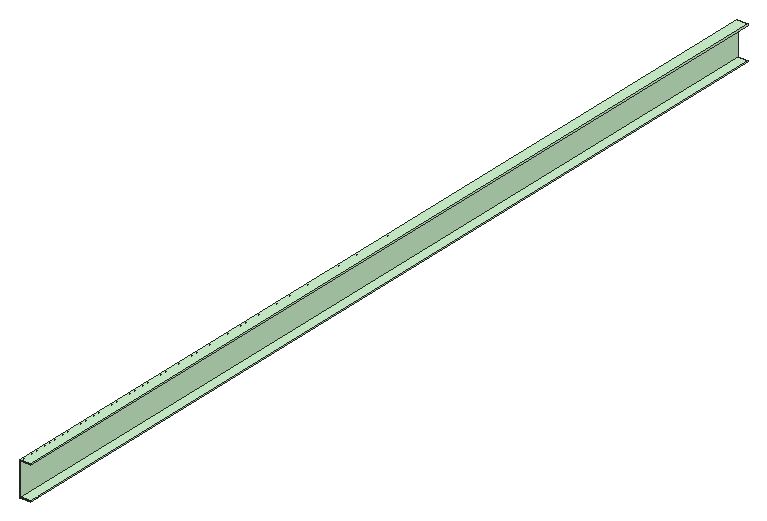
Revit family "CC-19", category 機械設備, Revit 2020
Family settings
  丸型コネクタ寸法 = 直径を使用
  種別 = なし
  パーツ タイプ = 標準
  作業面ベース = いいえ
  常に垂直 = はい
  ロード時にボイドで切り取り = いいえ
  共有 = いいえ
  部屋計算ポイント = いいえ
Parameters
  製造元 = "株式会社桐井製作所"
  既定の高さ = 0 mm
  URL = "https://www.kirii.co.jp/"
  K_長さ(mm) [instance] = 1000 mm
  K_材質 = "SGHC　一般用"
  K_断面積A(mm2) = 69
  K_断面係数Zy(mm3) = 91.5
  K_断面係数Zx(mm3) = 704.2
  K_断面2次半径iy(mm) = 3.5
  K_断面2次半径ix(mm) = 13.9
  K_断面2次モーメントIy(mm4) = 835.4
  K_断面2次モーメントIx(mm4) = 13380
  K_外形寸法(mm) = "38×12×1.2"
  K_品名 = "CC-19"
  K_名称 = "野縁受け"
  K_単位質量(kg/m) = 0.553
  K_ヤング係数E(N/mm2) = 205000
  K_バージョン情報 = "20210524"
  K_めっき付着量 = "Z12"
  K_JIS規格 = "JIS G 3302"
  K_JIS外 = not(K_JIS)  # no
  K_JIS = yes
Reference planes
  plane 1 "中心(正面/背面)": y = 0
  plane 2: z = 0
  plane 3 "中心(左/右)": x = 0
  plane 4: y = 1000
  plane 5: z = 38
Forms (mm)
  Extrusion 1, solid
    sketch origin (12, 0, 0) x (1, 0, 0) y (0, 0, 1)
      loop
        line (0, 38) -> (-12, 38) -> (-12, 0) -> (0, 0) -> (0, 1.2) -> (-10.8, 1.2) -> (-10.8, 36.8) -> (0, 36.8) -> (0, 38)
    from 0 to -1000
Dimensions and locks
  "K_長さ(mm)": plane 1 "中心(正面/背面)" to plane 4
  aligned and locked: level to plane 2
  aligned and locked: Extrusion 1 to plane 4
Automatic sketch dimensions
  Extrusion 1 sketch curve to plane 3 "中心(左/右)" = 0 mm
  Extrusion 1 sketch curve to plane 5 = 0 mm
  Extrusion 1 sketch curve to level = 0 mm
  level to Extrusion 1 sketch curve = 1.2 mm
  plane 3 "中心(左/右)" to Extrusion 1 sketch curve = 1.2 mm
  Extrusion 1 sketch curve to Extrusion 1 sketch curve = 1.2 mm
  Extrusion 1 sketch curve to Extrusion 1 sketch curve = 10.8 mm  (x2)
